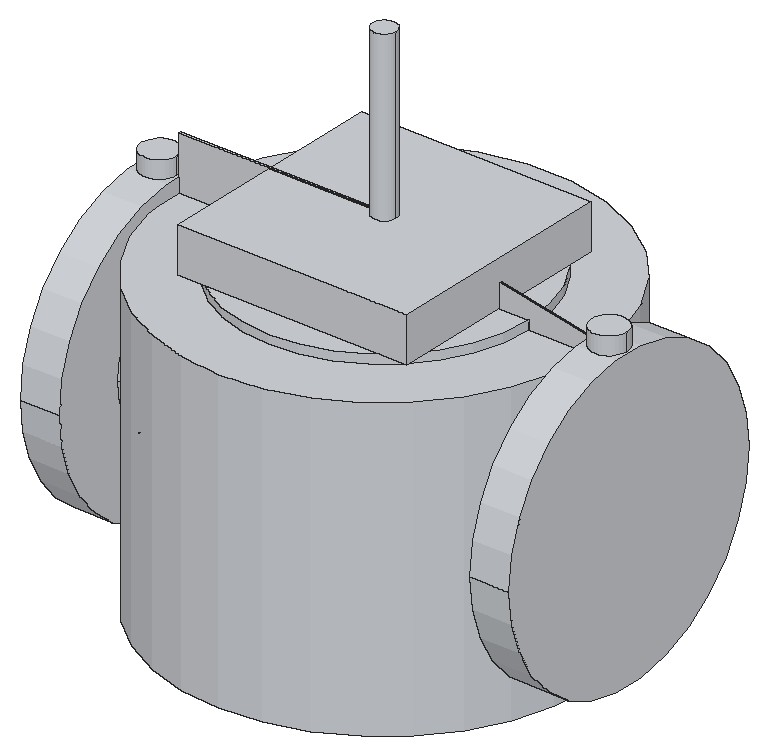
Revit family "OC-FLANGE_LF_DN250-300_PN16_RFA_2018", category Pipe Accessories, Revit 2018
Family settings
  Round Connector Dimension = Use Diameter
  Part Type = Valve - Breaks Into
  Work Plane-Based = No
  Always vertical = Yes
  Cut with Voids When Loaded = No
  Shared = No
Parameters (values of type "Optima Compact Flange PN16 DN300 LF")
  magiProductId = "ecb81ef8531940baa5b8b8db4f8dfa"
  magiProductFamilyId = "f0b264c0d7504b12868dd3b486e32a"
  magiPartTypeId = 304
  isMeasuringValve [instance] = no
  ang2D [instance] = 0.00°
  W2D = 50 mm
  VersionID = "2.0/2018.12.13.2/FRESE_OPT_COMP_BIG_Q13_001"
  Use Minimum Symbol Size [instance] = no
  URL = "www.hydronic.cz"
  Type Comments = "Přírubový; PN16; 0~110°C, s měřením"
  R4 = 251.65 mm
  R3 = 135.2 mm
  R1 = 359.5 mm
  QmdConnectorList = "301;D;302;D"
  Productdata [instance] = ""
  Manufacturer = "Hydronic Systems Prague s.r.o."
  MC Use Limits From Balancing Method = no
  MC Throttling Minimum Value = 0
  MC Throttling Maximum Value = 0
  MC Product Code = "53-1208 (DN300 LF; 48mm; pohon min 2500N; Qmin-dpmin 190000l/h-10.0kPa; Qmax-dpmin 475000l/h-35.0kPa; dpmax 800kPa)"
  MC Pressure Drop Minimum Value = 0.0 Pa
  MC Pressure Drop Maximum Value = 0.0 Pa
  MC Piping Given Pressure Drop [instance] = 0.0 Pa
  LF__ve = -LF  # -68 mm
  LF2 = 34 mm
  LF = 68 mm
  L4 = 399.5 mm
  L3 = 714 mm
  L2D_Min = 30.48 mm
  L2D = 230 mm
  L2 = 425 mm
  H6 = 290 mm
  H4 = 78 mm
  H3 = 15 mm
  H2 = 286 mm
  H1 = 520 mm
  H = 1132 mm
  Description = "Tlakově nezávislý 2-cestný regulační vyvažovací ventil (PICV)"
  DF2 = 260 mm
  DD = yes
  D = 300 mm
  CAT0 = yes
  AL2 = 156 mm
  ACT3W = 167 mm
  ACT3L = 92.5 mm
  ACT2L = 230 mm
  ACT2H = 311 mm
  A3WP = 112 mm
Types (2, lengths in mm): name | magiProductId | R4 | R3 | R1 | MC Product Code | LF__ve | LF2 | LF | L4 | L3 | L2 | H6 | H4 | H2 | H1 | H | DF2 | D
  Optima Compact Flange PN16 DN250 LF | "4254bd6dcc3e44f98f38d0e788b611" | 192.15 | 115.44 | 274.5 | "53-1207 (DN250 LF; 48mm; pohon min 2500N; Qmin-dpmin 190000l/h-10.0kPa; Qmax-dpmin 475000l/h-35.0kPa; dpmax 800kPa)" | -58.4 | 29.2 | 58.4 | 343.1 | 613.2 | 365 | 339.4 | 66.6 | 244.2 | 444 | 1094 | 222 | 250
  Optima Compact Flange PN16 DN300 LF | "ecb81ef8531940baa5b8b8db4f8dfa" | 251.65 | 135.2 | 359.5 | "53-1208 (DN300 LF; 48mm; pohon min 2500N; Qmin-dpmin 190000l/h-10.0kPa; Qmax-dpmin 475000l/h-35.0kPa; dpmax 800kPa)" | -68 | 34 | 68 | 399.5 | 714 | 425 | 290 | 78 | 286 | 520 | 1132 | 260 | 300
Reference planes
  plane 1 "Center (Front/Back)": y = 0
  plane 2 "XYPLANE": z = 0
  plane 3 "Center (Left/Right)": x = 0
  plane 4 "362": y = 45
  plane 5 "361": y = 55
  plane 6 "360": y = -102
  plane 7 "359": y = -112
  plane 8 "358": z = 852
  plane 9 "357": x = -87.5
  plane 10 "356": x = 87.5
  plane 11 "355": x = -92.5
  plane 12 "354": x = 92.5
  plane 13 "353": x = 35
  plane 14 "352": x = -35
  plane 15 "351": z = 627
  plane 16 "350": z = 812
  plane 17 "347": y = -25
  plane 18 "346": y = 25
  plane 19 "342": z = 328
  plane 20 "341": x = 357
  plane 21 "340": x = -357
  plane 22 "335": x = 106
  plane 23 "334": z = 759
  plane 24 "333": z = 684
  plane 25 "332": z = 689
  plane 26 "331": z = 729
  plane 27 "330": z = 561
  plane 28 "329": z = -260
  plane 29 "328": x = -45
  plane 30 "327": x = 45
  plane 31 "326": x = -49
  plane 32 "325": x = 49
  plane 33 "324": y = -20
  plane 34 "323": y = 20
  plane 35 "322": z = 869
  plane 36 "321": z = 872
  plane 37 "320": z = 581
  plane 38 "319": y = -61
  plane 39 "318": y = 73
  plane 40 "317": x = -74
  plane 41 "316": x = 156
  plane 42 "206": x = 391
  plane 43 "205": x = -391
  plane 44 "204": z = 260
  plane 45 "203": z = 327
  plane 46 "202": z = 249
  plane 47 "201": z = 234
  plane 48 "200": x = -357
  plane 49 "199": z = -286
  plane 50 "198": x = 0
  plane 51 "197": y = 0
  plane 52 "196": z = 0
  plane 53 "195": x = -425
  plane 54 "194": x = 425
  plane 55 "193": z = 617
  plane 56 "192": z = 781
Forms (mm)
  Extrusion 1, solid, visible <- "DD"
    sketch origin (750, 0, 0) x (-1, 0, 0) y (0, 0, 1)
      loop
        line (1107, 328) -> (750, 328) -> (393, 260) -> (393, -260) -> (1107, -260) -> (1107, 328)
    from 0 to 3
  Extrusion 2, solid, visible <- "CAT0"
    sketch origin (-750, 0, 260) x (1, 0, 0) y (0, 1, 0)
      loop
        circle (1141, 0) r 30.3
    from 0 to 30
  Extrusion 3, solid, visible <- "CAT0"
    sketch origin (-750, 0, 260) x (1, 0, 0) y (0, 1, 0)
      loop
        circle (359, 0) r 30.3
    from 0 to 30
  Extrusion 4, solid, visible <- "CAT0"
    sketch origin (-750, 0, 327) x (1, 0, 0) y (0, 1, 0)
      loop
        circle (750, 0) r 20
    from 0 to 290 <- "H6"
  Extrusion 5, solid, visible <- "CAT0"
    sketch origin (-750, 0, 249) x (1, 0, 0) y (0, 1, 0)
      loop
        line (949.75, 199.75) -> (550.25, 199.75) -> (550.25, -199.75) -> (949.75, -199.75) -> (949.75, 199.75)
    from 0 to 78 <- "H4"
  Extrusion 6, solid, visible <- "CAT0"
    sketch origin (-750, 0, 234) x (1, 0, 0) y (0, 1, 0)
      loop
        circle (750, 0) r 251.65
    from 0 to 15 <- "H3"
  Extrusion 7, solid, visible <- "CAT0"
    sketch origin (-357, -750, 0) x (0, 1, 0) y (0, 0, 1)
      loop
        circle (750, 0) r 135.2
    from 0 to 714 <- "L3"
  Extrusion 8, solid, visible <- "CAT0"
    sketch origin (-750, 0, -286) x (1, 0, 0) y (0, 1, 0)
      loop
        circle (750, 0) r 359.5
    from 0 to 520 <- "H1"
  Extrusion 9, solid, visible <- "CAT0"
    sketch origin (-425, -750, 0) x (0, 1, 0) y (0, 0, 1)
      loop
        circle (750, 0) r 260
    from 0 to 68 <- "LF"
  Extrusion 10, solid, visible <- "CAT0"
    sketch origin (425, -750, 0) x (0, 1, 0) y (0, 0, 1)
      loop
        circle (750, 0) r 260
    from 0 to -68 <- "LF__ve"
  Extrusion 11, solid, not visible
    sketch origin (-425, -750, 0) x (0, 1, 0) y (0, 0, 1)
      loop
        circle (750, 0) r 10
    from 0 to 10
  Extrusion 12, solid, not visible
    sketch origin (425, -750, 0) x (0, 1, 0) y (0, 0, 1)
      loop
        circle (750, 0) r 10
    from 0 to -10
Lines and regions (mm)
  reference lines, not visible
    curve 1: circle (2, 2, 0) r 1 normal (0, 0, 1)
  reference lines
    curve 2: circle (0, 0, 249) r 1 normal (0, 0, 1)
Dimensions and locks
  plane 1 "Center (Front/Back)" to curve 1 = 2 mm
  locked: plane 5 "361" to plane 4 "362" at 10
  "ACT3W": plane 7 "359" to plane 5 "361"
  locked: plane 7 "359" to plane 6 "360" at 10
  "A3WP": plane 51 "197" to plane 7 "359"
  locked: plane 36 "321" to plane 8 "358" at 20
  locked: plane 11 "355" to plane 9 "357" at 5
  locked: plane 12 "354" to plane 10 "356" at 5
  "ACT3L": plane 50 "198" to plane 11 "355"
  "ACT3L": plane 50 "198" to plane 12 "354"
  locked: plane 30 "327" to plane 13 "353" at 10
  locked: plane 29 "328" to plane 14 "352" at 10
  locked: plane 36 "321" to plane 15 "351" at 245
  locked: plane 36 "321" to plane 16 "350" at 60
  locked: plane 51 "197" to plane 17 "347" at 25
  locked: plane 51 "197" to plane 18 "346" at 25
  "LF": plane 44 "204" to plane 19 "342"
  "LF": plane 54 "194" to plane 20 "341"
  "LF": plane 53 "195" to plane 21 "340"
  locked: plane 41 "316" to plane 22 "335" at 50
  locked: plane 26 "331" to plane 23 "334" at 30
  locked: plane 35 "322" to plane 24 "333" at 185
  locked: plane 35 "322" to plane 25 "332" at 180
  locked: plane 35 "322" to plane 26 "331" at 140
  "ACT2H": plane 36 "321" to plane 27 "330"
  "DF2": plane 52 "196" to plane 28 "329"
  locked: plane 30 "327" to plane 29 "328" at 90
  locked: plane 50 "198" to plane 30 "327" at 45
  locked: plane 50 "198" to plane 31 "326" at 49
  locked: plane 50 "198" to plane 32 "325" at 49
  locked: plane 34 "323" to plane 33 "324" at 40
  locked: plane 51 "197" to plane 34 "323" at 20
  locked: plane 36 "321" to plane 35 "322" at 3
  "H": plane 28 "329" to plane 36 "321"
  locked: plane 27 "330" to plane 37 "320" at 20
  locked: plane 51 "197" to plane 38 "319" at 61
  locked: plane 51 "197" to plane 39 "318" at 73
  "ACT2L": plane 41 "316" to plane 40 "317"
  "AL2": plane 50 "198" to plane 41 "316"
  "LF2": plane 54 "194" to plane 42 "206"
  "LF2": plane 53 "195" to plane 43 "205"
  "DF2": plane 2 "XYPLANE" to plane 44 "204"
  "H4": plane 46 "202" to plane 45 "203"
  "H3": plane 47 "201" to plane 46 "202"
  "H1": plane 49 "199" to plane 47 "201"
  "LF": plane 53 "195" to plane 48 "200"
  "H2": plane 2 "XYPLANE" to plane 49 "199"
  locked: plane 3 "Center (Left/Right)" to plane 50 "198"
  locked: plane 1 "Center (Front/Back)" to plane 51 "197"
  locked: plane 2 "XYPLANE" to plane 52 "196"
  "L2": plane 3 "Center (Left/Right)" to plane 53 "195"
  "L2": plane 3 "Center (Left/Right)" to plane 54 "194"
  "H6": plane 45 "203" to plane 55 "193"
  locked: plane 55 "193" to plane 56 "192" at 164
  Extrusion 1 sketch curve to Extrusion 1 sketch curve = 0 mm  (x10)
  equal spacing: Extrusion 5 sketch curve, curve 2, Extrusion 5 sketch curve  (x2)
  "L4": Extrusion 5 sketch curve to Extrusion 5 sketch curve  (x2)
  Extrusion 5 sketch curve to Extrusion 5 sketch curve = 0 mm  (x8)
  "R4": radius of Extrusion 6 sketch curve
  "R3": radius of Extrusion 7 sketch curve
  "R1": radius of Extrusion 8 sketch curve
  "DF2": radius of Extrusion 9 sketch curve
  "DF2": radius of Extrusion 10 sketch curve
  aligned and locked: level to plane 2 "XYPLANE"
  aligned and locked: plane 21 "340" to Extrusion 1 sketch curve  (x2)
  aligned and locked: plane 19 "342" to Extrusion 1 sketch curve
  aligned and locked: plane 28 "329" to Extrusion 1 sketch curve  (x2)
  aligned and locked: plane 20 "341" to Extrusion 1 sketch curve  (x2)
  aligned and locked: plane 44 "204" to Extrusion 1 sketch curve
  aligned and locked: plane 50 "198" to Extrusion 1 sketch curve
  aligned and locked: Extrusion 1 sketch curve to plane 19 "342"
  aligned and locked: plane 42 "206" to Extrusion 2 sketch curve
  aligned and locked: plane 51 "197" to Extrusion 2 sketch curve
  aligned and locked: plane 43 "205" to Extrusion 3 sketch curve
  aligned and locked: plane 51 "197" to Extrusion 3 sketch curve
  aligned and locked: plane 50 "198" to Extrusion 4 sketch curve
  aligned and locked: plane 51 "197" to Extrusion 4 sketch curve
  aligned and locked: plane 50 "198" to curve 2
  aligned and locked: plane 51 "197" to curve 2
  aligned and locked: plane 50 "198" to Extrusion 6 sketch curve
  aligned and locked: plane 51 "197" to Extrusion 6 sketch curve
  aligned and locked: Extrusion 7 sketch curve to plane 51 "197"
  aligned and locked: plane 52 "196" to Extrusion 7 sketch curve
  aligned and locked: plane 50 "198" to Extrusion 8 sketch curve
  aligned and locked: plane 51 "197" to Extrusion 8 sketch curve
  aligned and locked: Extrusion 9 sketch curve to plane 51 "197"
  aligned and locked: plane 52 "196" to Extrusion 9 sketch curve
  aligned and locked: Extrusion 10 sketch curve to plane 51 "197"
  aligned and locked: plane 52 "196" to Extrusion 10 sketch curve
  aligned and locked: Extrusion 11 sketch curve to plane 51 "197"
  aligned and locked: plane 52 "196" to Extrusion 11 sketch curve
  aligned and locked: Extrusion 12 sketch curve to plane 51 "197"
  aligned and locked: plane 52 "196" to Extrusion 12 sketch curve
Automatic sketch dimensions
  plane 20 "341" to Extrusion 2 sketch curve = 3.7 mm
  plane 53 "195" to Extrusion 3 sketch curve = 3.7 mm
  plane 14 "352" to Extrusion 4 sketch curve = 15 mm
  plane 1 "Center (Front/Back)" to Extrusion 11 sketch curve = 10 mm
  plane 1 "Center (Front/Back)" to Extrusion 12 sketch curve = 10 mm
  plane 3 "Center (Left/Right)" to curve 1 = 2 mm
  Extrusion 5 sketch curve to plane 11 "355" = 107.25 mm
  Extrusion 5 sketch curve to plane 7 "359" = 87.75 mm
  radius of curve 2 = 1 mm
  radius of curve 1 = 1 mm
Connectors
  piping at (-425, 0, 0), diameter 300, driven by "D"
    settings: on Extrusion 11, index 1, connector inside diameter 609.6 mm, connector length 0 mm, flow factor 0, pipe flow 0.0 L/s, pressure drop 0.0 Pa, fitting loss kfactor 0, connector angle 0.00°, fixture units 0, engagement length 0 mm, angle of deflection 0.00°, flow configuration 0, flow direction 0, fitting loss method 0, system type 29, joint type 0, gender type 0, connector reference index 2, connector utility 0, adjustable connector no, is connector primary yes, connector description ""
  piping at (425, 0, 0), diameter 300, driven by "D"
    settings: on Extrusion 12, index 2, connector inside diameter 609.6 mm, connector length 0 mm, flow factor 0, pipe flow 0.0 L/s, pressure drop 0.0 Pa, fitting loss kfactor 0, connector angle 0.00°, fixture units 0, engagement length 0 mm, angle of deflection 0.00°, flow configuration 0, flow direction 0, fitting loss method 0, system type 29, joint type 0, gender type 0, connector reference index 1, connector utility 0, adjustable connector no, is connector primary no, connector description ""
